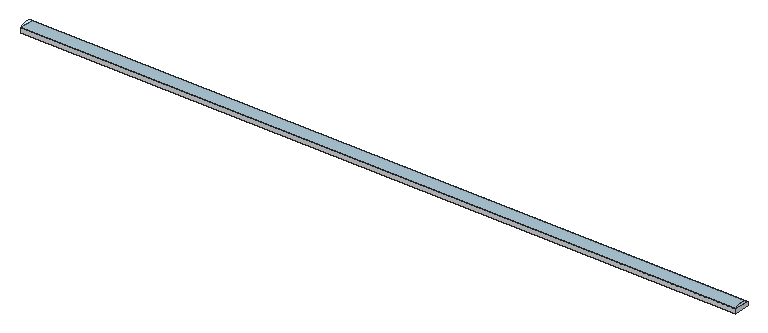
Revit family "127V DOBLE 5050 IP65_L14110WW", category Luminarias, Revit 2019
Family settings
  Cota de conector redondo = Diámetro de uso
  Tipo de pieza = Normal
  Se basa en plano de trabajo = Sí
  Siempre vertical = No
  Corte con vacíos al cargar = No
  Origen de luz = Sí
  Compartido = No
  Punto de cálculo de habitación = No
Parameters (values of type "127V DOBLE 5050 IP65_L14110WW")
  Tilt Angle = 60.00°
  Zone [instance] = ""
  Watt per fixture [instance] = (Longitud / 1000 mm) * (20)  # 20
  Wattage = 20 W
  built-in parameter 1150107 = 3000 (stored number, unit not read)
  built-in parameter 1150110 = 1 (stored number, unit not read)
  built-in parameter 1150109 = 1 (stored number, unit not read)
  built-in parameter 1150112 = 1 (stored number, unit not read)
  built-in parameter 1150113 = 1 (stored number, unit not read)
  built-in parameter 1114218 = 1 (stored number, unit not read)
  built-in parameter 1150137 = (empty or 0)
  built-in parameter 1150132 = (empty or 0)
  Modelo = "L14110WW"
  Lámpara = "5050 SMD"
  Longitud de línea de emisión = 600 mm
  Longitud [instance] = 1000 mm
  LCl2 Conector Intermedio [instance] = 0
  LCL2 Clips de Sujecion [instance] = (Longitud / 1000 mm) * (4)  # 4
  LCG2 Funda Termo contractil [instance] = (LCC2 Convertidor de Corriente) * (2)  # 2
  LCF2 Tapa Final [instance] = (LCC2 Convertidor de Corriente) * (1)  # 1
  LCC2 Convertidor de Corriente [instance] = 1
  LCA2 Conector Aguja [instance] = (LCC2 Convertidor de Corriente) * (1)  # 1
  built-in parameter 1150105 = 96.846 (stored number, unit not read)
  built-in parameter 1150102 = (empty or 0)
  built-in parameter 1150106 = 0.96846 (stored number, unit not read)
  Lumens = 1217 lm
  Color Filter = 16777215
  built-in parameter 1114217 = 1 (stored number, unit not read)
  built-in parameter 1150139 = (empty or 0)
  Fabricante = "BRILLANT"
  Default Elevation = 0 mm
  built-in parameter 1150104 = 5.6531 (stored number, unit not read)
  Descripción = "TIRA LED DOBLE DE PCB CON RECUBRIMIENTO DE PLASTICO 21MM MONOCROMATICA , CON UNA POTENCIA DE 20W/M DE UN TIPO DE LED 5050 SMD, USO PARA INTERIORES COMO EXTERIORES IP65, IRC80, 144 LEDS POR METRO, PRESENTACION DE 50M, TEMPERATURA EN BLANCO CALIDO 3000K, 1217 LUMENES POR METRO, EFICIENCIA DE 60.85 LM/W, CORTE A 50CM, ALIMENTADA A 127V, REQUIERE ACCESORIOS COMO CONVERTIDOR DE CORRIENTE (1 POR SEGMENTO DE TIRA), CONECTOR INTERMEDIO (CONSIDERAR EN CORTES DE TIRA O ANGULOS CERRADOS), CONECTOR AGUJA (CONSIDERAR 1PZA PRO CADA CONVERTIDOR), FUNDA TERMOCONTRACTIL (CONSIDERAR 2PZAS POR SEGMENTO DE TIRA), TAPA FINAL (CONSIDERAR 1PZA POR SEGMENTO DE TIRA) Y CLIPS DE SUJECION (CONSIDERAR 4 PZAS POR 1M)"
  built-in parameter 1150115 = 1 (stored number, unit not read)
  built-in parameter 1150114 = 1 (stored number, unit not read)
  Costo USD_L14110 [instance] = (Longitud / 1000 mm) * (20)  # 20
  Cost = 0
  Comentarios de vataje = "127V"
  built-in parameter 1150138 = (empty or 0)
  built-in parameter 1150134 = (empty or 0)
  Circuit [instance] = ""
  Dimming Lamp Color Temperature Shift = (empty or 0)
  Archivo de red fotométrica = "L14110WW.IES"
  built-in parameter 1150133 = 10 (stored number, unit not read)
Reference planes
  plane 1 "Centro (Frontal/Posterior)": y = 0
  plane 2: z = 0
  plane 3 "Centro (Izquierda/Derecha)": x = 0
  plane 4: x = 0
  plane 5: z = 12
  plane 6: x = -1000
Forms (mm)
  Extrusion 1, solid
    sketch origin (0, 0, 0) x (1, 0, 0) y (0, 1, 0)
      loop
        line (-1000, 10.462) -> (-1000, -10.539) -> (0, -10.539) -> (0, 10.462) -> (-1000, 10.462)
    from 0 to 6.038
  Extrusion 2, solid, material "Cristal"
    sketch origin (0, 0, 0) x (0, 1, 0) y (0, 0, 1)
      loop
        arc (10.5, 6.038) -> (0, 10.038) -> (-10.5, 6.038) r 15.781
        line (-10.5, 6.038) -> (10.5, 6.038)
    from -1000 to 0
Dimensions and locks
  "Longitud": plane 6 to plane 4
  "Longitud": plane 6 to plane 3 "Centro (Izquierda/Derecha)"
  aligned and locked: level to plane 2
  aligned and locked: Extrusion 1 to plane 4
  aligned and locked: plane 6 to Extrusion 1
  aligned and locked: Extrusion 2 to Extrusion 1
  aligned and locked: plane 3 "Centro (Izquierda/Derecha)" to Extrusion 2
  aligned and locked: plane 3 "Centro (Izquierda/Derecha)" to Extrusion 1
Automatic sketch dimensions
  Extrusion 1 sketch curve to plane 6 = 0 mm
  Extrusion 1 sketch curve to plane 3 "Centro (Izquierda/Derecha)" = 0 mm
  plane 1 "Centro (Frontal/Posterior)" to Extrusion 1 sketch curve = 10.539 mm
  Extrusion 1 sketch curve to plane 1 "Centro (Frontal/Posterior)" = 10.462 mm
  Extrusion 2 sketch curve to level = 5.743 mm
  Extrusion 2 sketch curve to plane 1 "Centro (Frontal/Posterior)" = 0 mm
  plane 1 "Centro (Frontal/Posterior)" to Extrusion 2 sketch curve = 10.5 mm
  Extrusion 2 sketch curve to plane 5 = 5.962 mm
Connectors
  electrical at (0, -0.038, 3.019)
    settings: on Extrusion 1, index 1, voltage 127 V, apparent load 0 VA, apparent load phase1 0 VA, apparent load phase2 0 VA, apparent load phase3 0 VA, power factor 1, load classification "Otro", number of poles 1, system type 31, power factor state 1, is connector primary yes, connector utility no, sub classification motor no, connector description ""
